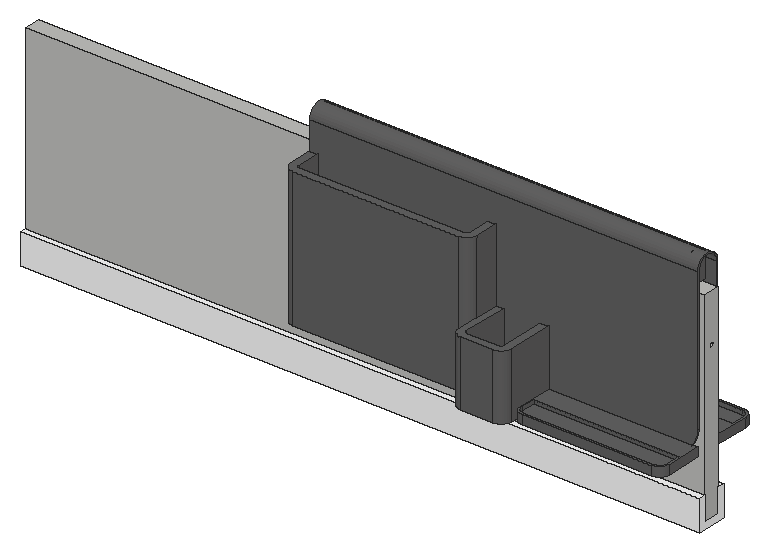
Revit family "Screen-Desk_Mounted-Teknion-JNSASW-Solid_Add-On-R2015", category Furniture, Revit 2018
Family settings
  OmniClass Number = 23.40.20.00
  OmniClass Title = General Furniture and Specialties
  Work Plane-Based = No
  Always vertical = Yes
  Cut with Voids When Loaded = No
  Shared = Yes
  Room Calculation Point = No
Parameters (values of type "Standard Width")
  Width Note [instance] = "This product has widths ranging from 18 to 84 inches in 3 inch increments."  # constant formula
  Width [instance] = 42.000"
  Warranty = "http://www.teknion.com/ca/papers/legal-canada"
  Unit Weight URL = "http://www.teknion.com/ca/tools/assets#&asset=bee6a381-b954-425e-8283-5a2de3a804f2,f828d448-4b62-4231-9e5f-9a8991c0ed77"
  URL = "www.teknion.com"
  Sustainability Data = "http://www.teknion.com/ca/tools/assets#&topic=216f99a5-57a0-44fc-b10a-9dee9b29ae4c&asset=444deb64-fe58-4b68-981e-f75e97781df7"
  Slide Screen Note [instance] = "Available Heights are 44, 53, and 59 inches. Available Widths range from 24 to 42 inches in 6 inch increments."  # constant formula
  Sit and Slide Screen Width [instance] = 24.000"
  Sit & Slide Screen Thickness [instance] = 0.055"
  Sit & Slide Screen Offset [instance] = 0.250"
  Sit & Slide Screen Material Note [instance] = "If Sit & Slide Screen - Felt is specified, then a felt finish must be chosen, if Sit & Slide Screen - Metal is specified, then you must choose between Whiteboard, Foundation, Mica, or an Accent Finish."  # constant formula
  Sit & Slide Screen Finish [instance] = Fabric-Teknion-RB11-Carbon
  Sit & Slide Screen Datum Offset [instance] = if(and([44 Sit & Slide Screen Datum Height], Height = 42.000"), 2.000", if(and([53 Sit & Slide Screen Datum Height], Height = 42.000"), 11.000", if(and([59 Sit & Slide Screen Datum Height], Height = 42.000"), 17.000", if(and([53 Sit & Slide Screen Datum Height], Height = 51.000"), 2.000", if(and([59 Sit & Slide Screen Datum Height], Height = 51.000"), 8.000", if(and([59 Sit & Slide Screen Datum Height], Height = 57.000"), 2.000", 2.000"))))))  # 2.000"
  Sit & Slide Screen (2D) [instance] = or(Has Sit & Slide Screen, Has Sit & Slide Screen with Accessories)  # yes
  Series = "Expansion Cityline"  # constant formula
  Screen Metal Frame Finish [instance] = Mica - Teknion - V - Satin - Very White
  Screen Finish [instance] = Source Laminate - Teknion - RV - Very White
  Right Offset = 0.000"
  Product Page URL = "http://www.teknion.com/ca/products/product-details?productlineid=9ad2a26e-8e7a-673b-a6c8-ff05004460c4"
  Product Line = "Expansion Cityline"  # constant formula
  Product Documentation Link 4 = "https://www.teknion.com/pricing/expansion-cityline/pdfs/JNSSA_ppg.pdf"
  Product Documentation Link 3 = "https://www.teknion.com/pricing/expansion-cityline/pdfs/JNSSE_ppg.pdf"
  Product Documentation Link 2 = "https://www.teknion.com/pricing/expansion-cityline/pdfs/JNSSM_ppg.pdf"
  Product Documentation Link = "http://www.teknion.com/pricing/expansion-cityline/pdfs/JNSASW_ppg.pdf"
  Part Number = "JNSASW"  # constant formula
  Note [instance] = "If Width is greater than 24 inches, Sit & Slide Screen with Accessories can not be specified."  # constant formula
  Model = "JNSASW____SS_"
  Manufacturer Phone = "416-661-3370"  # constant formula
  Manufacturer Fax = "416.661.4586"  # constant formula
  Manufacturer Contact Information = "http://www.teknion.com/ca/contactus"
  Manufacturer Address = "1150 Flint Road, Toronto, ON. M3J 2J5. Canada"  # constant formula
  Manufacturer = "Teknion"  # constant formula
  Left Offset = 0.000"
  Height Note [instance] = "This product has the following heights; 42, 51, and 57 inches."  # constant formula
  Height [instance] = 42.000"
  Has Sit & Slide Screen with Accessories [instance] = yes
  Has Sit & Slide Screen [instance] = yes
  Has Alignment Holes [instance] = yes
  Description = "Solid Add-On Screen – Desk-Mounted, One Side Full Screen or Both Sides Shared Screens Width Reduction for Lateral Application, Standard Corner Detail"
  Assembly Code = "E2020200"
  Alignment Hole Depth [instance] = if(Has Alignment Holes, 2.013", 0.500")  # 2.013"
  Accessory Finish [instance] = Fabric-Teknion-RB11-Carbon
  59 Sit & Slide Screen Datum Height [instance] = no
  53 Sit & Slide Screen Datum Height [instance] = no
  44 Sit & Slide Screen Datum Height [instance] = yes
Types (3): name | Right Offset | Model | Left Offset | Description
  Standard Width | 0.000" | "JNSASW____SS_" | 0.000" | "Solid Add-On Screen – Desk-Mounted, One Side Full Screen or Both Sides Shared Screens Width Reduction for Lateral Application, Standard Corner Detail"
  One Side Full Screen or Both Sides Shared Screens Width Reduction | 0.945" | "JNSASW____FS_" | 0.945" | "Solid Add-On Screen – Desk-Mounted, One Side Full Screen or Both Sides Shared Screens Width Reduction for Lateral Application, Standard Corner Detail"
  One Side Shared Screen Width Reduction | 0.473" | "JNSASW____HS_" | 0.473" | "Solid Add-On Screen – Desk-Mounted, One Side Shared Screen Width Reduction for Lateral Application, Standard Corner Detail"
Reference planes (in)
  plane 1 "Center Front/Back": y = 0
  plane 2: z = 0
  plane 3 "Center Left/Right": x = 0
  plane 4 "Left": x = -21
  plane 5 "Right": x = 21
  plane 6 "Back": y = 0.50787
  plane 7 "Front": y = -0.50787
  plane 8 "Top": z = 42
  plane 9: z = 29
  plane 10: z = 29.41339
  plane 11: x = -21.69393
  plane 12: x = 21.69393
  plane 13: x = -3.25
  plane 14: x = -2.5
  plane 15: x = 20
  plane 16: z = 33
  plane 17: z = 44
  plane 18: y = -0.69488
  plane 19: y = 0.69488
  plane 20: y = 0.74988
  plane 21: y = -0.74988
  plane 22: x = 20.75
  plane 23: z = 44
  plane 24: z = 53
  plane 25: z = 59
  plane 26: x = -21
  plane 27: x = 21
Forms (in)
  Extrusion 1, solid, material "Mica - Teknion - V - Satin - Very White" <- "Screen Metal Frame Finish"
    sketch origin (0, 0, 0) x (0, 1, 0) y (0, 0, 1)
      loop
        line (0.94488, 30.88976) -> (0.50787, 30.88976) -> (0.50787, 29.41339) -> (-0.50787, 29.41339) -> (-0.50787, 30.88976) -> (-0.94488, 30.88976) -> (-0.94488, 29) -> (0.94488, 29) -> (0.94488, 30.88976)
    from -21 to 21
  Extrusion 2, solid, material "Source Laminate - Teknion - RV - Very White" <- "Screen Finish"
    sketch origin (-21, 0, 0) x (0, 1, 0) y (0, 0, 1)
      loop
        line (0.50787, 42) -> (-0.50787, 42) -> (-0.50787, 29.41339) -> (0.50787, 29.41339) -> (0.50787, 42)
    from 0 to 42
  Extrusion 3, void
    sketch origin (-21, 0, 0) x (0, 1, 0) y (0, 0, 1)
      loop
        circle (0, 38.99999) r 0.15747
    from -0.69393 to 1.31907
  Extrusion 4, void
    sketch origin (9, 0, 0) x (0, 1, 0) y (0, 0, -1)
      loop
        circle (0, -38.99999) r 0.15747
    from -12.69393 to -10.68093
  Extrusion 5, solid, material "Fabric-Teknion-RB11-Carbon" <- "Sit & Slide Screen Finish", visible <- "Has Sit & Slide Screen"
    sketch origin (21, 0, 0) x (0, 1, 0) y (0, 0, -1)
      loop
        arc (-0.74988, -43.25012) -> (0, -44) -> (0.74988, -43.25012) r 0.74988
        line (0.74988, -43.25012) -> (0.74988, -33) -> (0.69488, -33) -> (0.69488, -43.25012)
        arc (0.69488, -43.25012) -> (0, -43.945) -> (-0.69488, -43.25012) r 0.69488
        line (-0.69488, -43.25012) -> (-0.69488, -33) -> (-0.74988, -33) -> (-0.74988, -43.25012)
    from 0.25 to 24.25
  Extrusion 6, void
    sketch origin (0, -0.50787, 0) x (-1, 0, 0) y (0, 0, -1)
      loop
        line (3.25, -34.5) -> (3.25, -33) -> (1.75, -33)
        arc (1.75, -33) -> (2.81066, -33.43934) -> (3.25, -34.5) r 1.5
    from 0 to 12
  Extrusion 7, void
    sketch origin (12, -0.50787, 0) x (1, 0, 0) y (0, 0, 1)
      loop
        line (8.75, 33) -> (8.75, 34.5)
        arc (8.75, 34.5) -> (8.31066, 33.43934) -> (7.25, 33) r 1.5
        line (7.25, 33) -> (8.75, 33)
    from 0 to 12
  Extrusion 8, void
    sketch origin (0, 0.50787, 0) x (-1, 0, 0) y (0, 0, 1)
      loop
        arc (3.25, 34.5) -> (2.81066, 33.43934) -> (1.75, 33) r 1.5
        line (1.75, 33) -> (3.25, 33) -> (3.25, 34.5)
    from 0 to 12
  Extrusion 9, void
    sketch origin (12, 0.50787, 0) x (1, 0, 0) y (0, 0, -1)
      loop
        line (8.75, -33) -> (7.25, -33)
        arc (7.25, -33) -> (8.31066, -33.43934) -> (8.75, -34.5) r 1.5
        line (8.75, -34.5) -> (8.75, -33)
    from 0 to 12
  Extrusion 10, solid, material "Fabric-Teknion-RB11-Carbon" <- "Sit & Slide Screen Finish", visible <- "Has Sit & Slide Screen"
    sketch origin (-21, 0, -8.83) x (0, 1, 0) y (0, 0, 1)
      loop
        line (-0.69488, 50.83) -> (0.69488, 50.83) -> (0.69488, 52.08012)
        arc (0.69488, 52.08012) -> (0, 52.775) -> (-0.69488, 52.08012) r 0.69488
        line (-0.69488, 52.08012) -> (-0.69488, 50.83)
    from 18.5 to 41
  Extrusion 11, solid, material "Fabric-Teknion-RB11-Carbon" <- "Accessory Finish", visible <- "Has Sit & Slide Screen with Accessories"
    sketch origin (0, 0, 0) x (1, 0, 0) y (0, 1, 0)
      loop
        line (8.25787, 3.62894) -> (8.25787, 0.74988) -> (11.51575, 0.74988) -> (11.51575, 3.62894)
        arc (11.51575, 3.62894) -> (11.33269, 4.07088) -> (10.89075, 4.25394) r 0.625
        line (10.89075, 4.25394) -> (8.88287, 4.25394)
        arc (8.88287, 4.25394) -> (8.44093, 4.07088) -> (8.25787, 3.62894) r 0.625
    from 33 to 37.01575
  Extrusion 12, void
    sketch origin (0, 0, 0) x (1, 0, 0) y (0, 1, 0)
      loop
        line (8.72244, 3.62894) -> (8.72244, 0.74988) -> (11.05118, 0.74988) -> (11.05118, 3.62894)
        arc (11.05118, 3.62894) -> (11.00419, 3.74238) -> (10.89075, 3.78937) r 0.16043
        line (10.89075, 3.78937) -> (8.88287, 3.78937)
        arc (8.88287, 3.78937) -> (8.76943, 3.74238) -> (8.72244, 3.62894) r 0.16043
    from 33.05512 to 44
  Extrusion 13, solid, material "Fabric-Teknion-RB11-Carbon" <- "Accessory Finish", visible <- "Has Sit & Slide Screen with Accessories"
    sketch origin (0, 0, 0) x (1, 0, 0) y (0, 1, 0)
      loop
        line (-3.25, 2.18839) -> (-3.25, 0.75) -> (8.25787, 0.75) -> (8.25787, 2.18839)
        arc (8.25787, 2.18839) -> (8.07482, 2.63033) -> (7.63287, 2.81339) r 0.625
        line (7.63287, 2.81339) -> (-2.625, 2.81339)
        arc (-2.625, 2.81339) -> (-3.06694, 2.63033) -> (-3.25, 2.18839) r 0.625
    from 33 to 41.51969
  Extrusion 14, solid, material "Fabric-Teknion-RB11-Carbon" <- "Accessory Finish", visible <- "Has Sit & Slide Screen with Accessories"
    sketch origin (0, 0, 0) x (1, 0, 0) y (0, 1, 0)
      loop
        arc (-3.25, -2.18839) -> (-3.06694, -2.63033) -> (-2.625, -2.81339) r 0.625
        line (-2.625, -2.81339) -> (7.63287, -2.81339)
        arc (7.63287, -2.81339) -> (8.07482, -2.63033) -> (8.25787, -2.18839) r 0.625
        line (8.25787, -2.18839) -> (8.25787, -0.74988) -> (-3.25, -0.74988) -> (-3.25, -2.18839)
    from 33 to 41.51969
  Extrusion 15, solid, material "Fabric-Teknion-RB11-Carbon" <- "Accessory Finish", visible <- "Has Sit & Slide Screen with Accessories"
    sketch origin (0, 0, 0) x (1, 0, 0) y (0, 1, 0)
      loop
        arc (8.25787, -3.62894) -> (8.44093, -4.07088) -> (8.88287, -4.25394) r 0.625
        line (8.88287, -4.25394) -> (10.89075, -4.25394)
        arc (10.89075, -4.25394) -> (11.33269, -4.07088) -> (11.51575, -3.62894) r 0.625
        line (11.51575, -3.62894) -> (11.51575, -0.74988) -> (8.25787, -0.74988) -> (8.25787, -3.62894)
    from 33 to 37.01575
  Extrusion 16, void
    sketch origin (0, 0, 0) x (1, 0, 0) y (0, 1, 0)
      loop
        arc (8.72244, -3.62894) -> (8.76943, -3.74238) -> (8.88287, -3.78937) r 0.16043
        line (8.88287, -3.78937) -> (10.89075, -3.78937)
        arc (10.89075, -3.78937) -> (11.00419, -3.74238) -> (11.05118, -3.62894) r 0.16043
        line (11.05118, -3.62894) -> (11.05118, -0.74988) -> (8.72244, -0.74988) -> (8.72244, -3.62894)
    from 33.05512 to 44
  Extrusion 17, solid, material "Fabric-Teknion-RB11-Carbon" <- "Accessory Finish", visible <- "Has Sit & Slide Screen with Accessories"
    sketch origin (0, 0, 0) x (1, 0, 0) y (0, 1, 0)
      loop
        line (11.51575, 2.93445) -> (11.51575, 0.74988) -> (20.75, 0.74988) -> (20.75, 2.93445)
        arc (20.75, 2.93445) -> (20.56694, 3.37639) -> (20.125, 3.55945) r 0.625
        line (20.125, 3.55945) -> (12.14075, 3.55945)
        arc (12.14075, 3.55945) -> (11.69881, 3.37639) -> (11.51575, 2.93445) r 0.625
    from 33 to 33.55906
  Extrusion 18, solid, material "Fabric-Teknion-RB11-Carbon" <- "Accessory Finish", visible <- "Has Sit & Slide Screen with Accessories"
    sketch origin (0, 0, 0) x (1, 0, 0) y (0, 1, 0)
      loop
        arc (11.51575, -2.93445) -> (11.69881, -3.37639) -> (12.14075, -3.55945) r 0.625
        line (12.14075, -3.55945) -> (20.125, -3.55945)
        arc (20.125, -3.55945) -> (20.56694, -3.37639) -> (20.75, -2.93445) r 0.625
        line (20.75, -2.93445) -> (20.75, -0.74988) -> (11.51575, -0.74988) -> (11.51575, -2.93445)
    from 33 to 33.55906
  Extrusion 19, void
    sketch origin (0, 0.08858, 0) x (1, 0, 0) y (0, 1, 0)
      loop
        line (-2.78543, 2.0998) -> (-2.78543, 0.6613) -> (7.79331, 0.6613) -> (7.79331, 2.0998)
        arc (7.79331, 2.0998) -> (7.74632, 2.21325) -> (7.63287, 2.26024) r 0.16043
        line (7.63287, 2.26024) -> (-2.625, 2.26024)
        arc (-2.625, 2.26024) -> (-2.73844, 2.21325) -> (-2.78543, 2.0998) r 0.16043
    from 33.05512 to 44
  Extrusion 20, void
    sketch origin (0, -0.08858, 0) x (1, 0, 0) y (0, 1, 0)
      loop
        arc (-2.78543, -2.0998) -> (-2.73844, -2.21325) -> (-2.625, -2.26024) r 0.16043
        line (-2.625, -2.26024) -> (7.63287, -2.26024)
        arc (7.63287, -2.26024) -> (7.74632, -2.21325) -> (7.79331, -2.0998) r 0.16043
        line (7.79331, -2.0998) -> (7.79331, -0.6613) -> (-2.78543, -0.6613) -> (-2.78543, -2.0998)
    from 33.05512 to 44
  Extrusion 21, void
    sketch origin (0, 0, 0) x (1, 0, 0) y (0, 1, 0)
      loop
        line (11.63386, 2.06339) -> (20.63189, 2.06339) -> (20.63189, 2.93445)
        arc (20.63189, 2.93445) -> (20.48343, 3.29287) -> (20.125, 3.44134) r 0.50689
        line (20.125, 3.44134) -> (12.14075, 3.44134)
        arc (12.14075, 3.44134) -> (11.78232, 3.29287) -> (11.63386, 2.93445) r 0.50689
        line (11.63386, 2.93445) -> (11.63386, 2.06339)
    from 33.30709 to 44
  Extrusion 22, void
    sketch origin (0, 0, 0) x (1, 0, 0) y (0, 1, 0)
      loop
        line (11.63386, -2.06339) -> (11.63386, -2.93445)
        arc (11.63386, -2.93445) -> (11.78232, -3.29287) -> (12.14075, -3.44134) r 0.50689
        line (12.14075, -3.44134) -> (20.125, -3.44134)
        arc (20.125, -3.44134) -> (20.48343, -3.29287) -> (20.63189, -2.93445) r 0.50689
        line (20.63189, -2.93445) -> (20.63189, -2.06339) -> (11.63386, -2.06339)
    from 33.30709 to 44
Cuts and joins
  Extrusion 3, Extrusion 4, Extrusion 6, Extrusion 7, Extrusion 8, Extrusion 9 cuts Extrusion 2
  Extrusion 6, Extrusion 7, Extrusion 8, Extrusion 9 cuts Extrusion 5
  Extrusion 12, Extrusion 16 cuts Extrusion 11
  Extrusion 19, Extrusion 20 cuts Extrusion 13
  Extrusion 20 cuts Extrusion 14
  Extrusion 16 cuts Extrusion 15
  Extrusion 22 cuts Extrusion 18
  Extrusion 21 cuts Extrusion 17
Lines and regions (in)
  Masking region 1
    outline origin (0, 0, 0) x (1, 0, 0) y (0, 1, 0)
      loop
        line (-21, -0.94488) -> (21, -0.94488) -> (21, 0.94488) -> (-21, 0.94488) -> (-21, -0.94488)
  Masking region 2, visible <- "Has Sit & Slide Screen with Accessories"
    outline origin (0, 0, 0) x (1, 0, 0) y (0, 1, 0)
      loop
        line (-3.25, 0.74988) -> (8.25787, 0.74988) -> (8.25787, 2.18839)
        arc (8.25787, 2.18839) -> (8.07482, 2.63033) -> (7.63287, 2.81339) r 0.625
        line (7.63287, 2.81339) -> (-2.625, 2.81339)
        arc (-2.625, 2.81339) -> (-3.06694, 2.63033) -> (-3.25, 2.18839) r 0.625
        line (-3.25, 2.18839) -> (-3.25, 0.74988)
  Masking region 3, visible <- "Has Sit & Slide Screen with Accessories"
    outline origin (0, 0, 0) x (1, 0, 0) y (0, 1, 0)
      loop
        line (-3.25, -0.74988) -> (-3.25, -2.18839)
        arc (-3.25, -2.18839) -> (-3.06694, -2.63033) -> (-2.625, -2.81339) r 0.625
        line (-2.625, -2.81339) -> (7.63287, -2.81339)
        arc (7.63287, -2.81339) -> (8.07482, -2.63033) -> (8.25787, -2.18839) r 0.625
        line (8.25787, -2.18839) -> (8.25787, -0.74988) -> (-3.25, -0.74988)
  Masking region 4, visible <- "Has Sit & Slide Screen with Accessories"
    outline origin (0, 0, 0) x (1, 0, 0) y (0, 1, 0)
      loop
        line (10.89075, 4.25394) -> (8.88287, 4.25394)
        arc (8.88287, 4.25394) -> (8.44093, 4.07088) -> (8.25787, 3.62894) r 0.625
        line (8.25787, 3.62894) -> (8.25787, 0.74988) -> (11.51575, 0.74988) -> (11.51575, 3.62894)
        arc (11.51575, 3.62894) -> (11.33269, 4.07088) -> (10.89075, 4.25394) r 0.625
  Masking region 5, visible <- "Has Sit & Slide Screen with Accessories"
    outline origin (0, 0, 0) x (1, 0, 0) y (0, 1, 0)
      loop
        line (20.125, 3.55945) -> (12.14075, 3.55945)
        arc (12.14075, 3.55945) -> (11.69881, 3.37639) -> (11.51575, 2.93445) r 0.625
        line (11.51575, 2.93445) -> (11.51575, 0.74988) -> (20.75, 0.74988) -> (20.75, 2.93445)
        arc (20.75, 2.93445) -> (20.56694, 3.37639) -> (20.125, 3.55945) r 0.625
  Masking region 6, visible <- "Has Sit & Slide Screen with Accessories"
    outline origin (0, 0, 0) x (1, 0, 0) y (0, 1, 0)
      loop
        line (11.51575, -0.74988) -> (11.51575, -2.93445)
        arc (11.51575, -2.93445) -> (11.69881, -3.37639) -> (12.14075, -3.55945) r 0.625
        line (12.14075, -3.55945) -> (20.125, -3.55945)
        arc (20.125, -3.55945) -> (20.56694, -3.37639) -> (20.75, -2.93445) r 0.625
        line (20.75, -2.93445) -> (20.75, -0.74988) -> (11.51575, -0.74988)
  Masking region 7, visible <- "Has Sit & Slide Screen with Accessories"
    outline origin (0, 0, 0) x (1, 0, 0) y (0, 1, 0)
      loop
        line (8.25787, -0.74988) -> (8.25787, -3.62894)
        arc (8.25787, -3.62894) -> (8.44093, -4.07088) -> (8.88287, -4.25394) r 0.625
        line (8.88287, -4.25394) -> (10.89075, -4.25394)
        arc (10.89075, -4.25394) -> (11.33269, -4.07088) -> (11.51575, -3.62894) r 0.625
        line (11.51575, -3.62894) -> (11.51575, -0.74988) -> (8.25787, -0.74988)
  Masking region 8, visible <- "Sit & Slide Screen (2D)"
    outline origin (0, 0, 0) x (1, 0, 0) y (0, 1, 0)
      loop
        line (-3.25, 0.75) -> (-3.25, -0.74988) -> (20.75, -0.74988) -> (20.75, 0.75) -> (-3.25, 0.75)
  symbolic lines, detail levels medium+fine
    curve 1: line (-21, 0.50787, 0) -> (21, 0.50787, 0)
    curve 2: line (-21, -0.50787, 0) -> (21, -0.50787, 0)
  symbolic lines, style "FurnitureHiddenLines", visible <- "Has Alignment Holes", detail levels fine
    curve 3: line (-21, 0.15747, 0) -> (-19.68093, 0.15747, 0)
    curve 4: line (-19.68093, 0.15747, 0) -> (-19.68093, -0.15747, 0)
    curve 5: line (-19.68093, -0.15747, 0) -> (-21, -0.15747, 0)
    curve 6: line (21, 0.15747, 0) -> (19.68093, 0.15747, 0)
    curve 7: line (19.68093, 0.15747, 0) -> (19.68093, -0.15747, 0)
    curve 8: line (19.68093, -0.15747, 0) -> (21, -0.15747, 0)
  symbolic lines, visible <- "Has Sit & Slide Screen with Accessories", detail levels fine
    curve 9: line (-2.78543, 2.18839, 0) -> (-2.78543, 0.75, 0)
    curve 10: line (-2.78543, 0.75, 0) -> (7.79331, 0.75, 0)
    curve 11: line (7.79331, 0.75, 0) -> (7.79331, 2.18839, 0)
    curve 12: arc (7.79331, 2.18839, 0) -> (7.74632, 2.30183, 0) -> (7.63287, 2.34882, 0) r 0.16043
    curve 13: line (7.63287, 2.34882, 0) -> (-2.625, 2.34882, 0)
    curve 14: arc (-2.625, 2.34882, 0) -> (-2.73844, 2.30183, 0) -> (-2.78543, 2.18839, 0) r 0.16043
    curve 15: line (-2.625, -2.34882, 0) -> (7.63287, -2.34882, 0)
    curve 16: arc (7.63287, -2.34882, 0) -> (7.74632, -2.30183, 0) -> (7.79331, -2.18839, 0) r 0.16043
    curve 17: line (7.79331, -2.18839, 0) -> (7.79331, -0.74988, 0)
    curve 18: line (7.79331, -0.74988, 0) -> (-2.78543, -0.74988, 0)
    curve 19: line (-2.78543, -0.74988, 0) -> (-2.78543, -2.18839, 0)
    curve 20: arc (-2.78543, -2.18839, 0) -> (-2.73844, -2.30183, 0) -> (-2.625, -2.34882, 0) r 0.16043
    curve 21: line (8.72244, 3.62894, 0) -> (8.72244, 0.74988, 0)
    curve 22: line (8.72244, 0.74988, 0) -> (11.05118, 0.74988, 0)
    curve 23: line (11.05118, 0.74988, 0) -> (11.05118, 3.62894, 0)
    curve 24: arc (11.05118, 3.62894, 0) -> (11.00419, 3.74238, 0) -> (10.89075, 3.78937, 0) r 0.16043
    curve 25: line (10.89075, 3.78937, 0) -> (8.88287, 3.78937, 0)
    curve 26: arc (8.88287, 3.78937, 0) -> (8.76943, 3.74238, 0) -> (8.72244, 3.62894, 0) r 0.16043
    curve 27: line (12.14075, 3.44134, 0) -> (20.125, 3.44134, 0)
    curve 28: arc (20.125, 3.44134, 0) -> (20.48343, 3.29287, 0) -> (20.63189, 2.93445, 0) r 0.50689
    curve 29: line (20.63189, 2.93445, 0) -> (20.63189, 2.06339, 0)
    curve 30: line (20.63189, 2.06339, 0) -> (11.63386, 2.06339, 0)
    curve 31: line (11.63386, 2.06339, 0) -> (11.63386, 2.93445, 0)
    curve 32: arc (11.63386, 2.93445, 0) -> (11.78232, 3.29287, 0) -> (12.14075, 3.44134, 0) r 0.50689
    curve 33: line (11.63386, -2.06339, 0) -> (20.63189, -2.06339, 0)
    curve 34: line (20.63189, -2.06339, 0) -> (20.63189, -2.93445, 0)
    curve 35: arc (20.63189, -2.93445, 0) -> (20.48343, -3.29287, 0) -> (20.125, -3.44134, 0) r 0.50689
    curve 36: line (20.125, -3.44134, 0) -> (12.14075, -3.44134, 0)
    curve 37: arc (12.14075, -3.44134, 0) -> (11.78232, -3.29287, 0) -> (11.63386, -2.93445, 0) r 0.50689
    curve 38: line (11.63386, -2.93445, 0) -> (11.63386, -2.06339, 0)
    curve 39: line (8.72244, -0.74988, 0) -> (8.72244, -3.62894, 0)
    curve 40: arc (8.72244, -3.62894, 0) -> (8.76943, -3.74238, 0) -> (8.88287, -3.78937, 0) r 0.16043
    curve 41: line (8.88287, -3.78937, 0) -> (10.89075, -3.78937, 0)
    curve 42: arc (10.89075, -3.78937, 0) -> (11.00419, -3.74238, 0) -> (11.05118, -3.62894, 0) r 0.16043
    curve 43: line (11.05118, -3.62894, 0) -> (11.05118, -0.74988, 0)
    curve 44: line (11.05118, -0.74988, 0) -> (8.72244, -0.74988, 0)
  reference lines, not visible
    curve 45: line (-21, 0.94488, 0) -> (-21, -0.94488, 0)
    curve 46: line (21, 0.94488, 0) -> (21, -0.94488, 0)
    curve 47: line (-21, -0.94488, 0) -> (21, -0.94488, 0)
    curve 48: line (21, 0.94488, 0) -> (-21, 0.94488, 0)
Dimensions and locks (in)
  "Width": plane 26 to plane 27
  locked: plane 6 "Back" to plane 7 "Front" at 1.01575
  "Height": plane 8 "Top" to level
  locked: plane 9 to plane 2 at 29
  plane 8 "Top" to level = 42.000"
  Extrusion 1 sketch curve to Extrusion 1 sketch curve to plane 1 "Center Front/Back" to Extrusion 1 sketch curve to Extrusion 1 sketch curve = 0.43701" locked, 0.50787" locked, 0.50787" locked, 0.43701" locked
  plane 9 to Extrusion 1 sketch curve to Extrusion 1 sketch curve to Extrusion 1 sketch curve = 0.41339" locked, 1.47638" locked, 0.000" locked
  locked: plane 9 to plane 10 at 0.41339
  equal spacing: plane 26, plane 3 "Center Left/Right", plane 27
  locked: plane 11 to plane 4 "Left" at 0.69393
  "Alignment Hole Depth": plane 11 to Extrusion 3
  locked: plane 12 to plane 5 "Right" at 0.69393
  "Alignment Hole Depth": plane 12 to Extrusion 4
  locked: plane 4 "Left" to curve 4 at 1.31907
  curve 5 to plane 1 "Center Front/Back" to curve 3 = 0.15747" locked, 0.15747" locked
  curve 8 to plane 1 "Center Front/Back" to curve 6 = 0.15747" locked, 0.15747" locked
  Extrusion 10 sketch curve to plane 1 "Center Front/Back" to Extrusion 10 sketch curve = 0.69488" locked, 0.69488" locked
  locked: plane 13 to plane 14 at 0.75
  locked: plane 16 to plane 9 at 4
  plane 17 to Extrusion 5 sketch curve to Extrusion 5 sketch curve = 0.74988" locked, 0.000" locked
  locked: plane 17 to Extrusion 10 sketch curve at 0.74988
  locked: plane 18 to plane 7 "Front" at 0.18701
  locked: plane 6 "Back" to plane 19 at 0.18701
  locked: plane 21 to plane 18 at 0.055
  locked: plane 19 to plane 20 at 0.055
  locked: plane 1 "Center Front/Back" to Extrusion 5 sketch curve at 0  (x2)
  locked: Extrusion 22 to plane 16 at 0.30709  (x2)
  Extrusion 14 sketch curve to Extrusion 14 sketch curve to Extrusion 14 sketch curve to Extrusion 14 sketch curve to plane 22 = 0.625" locked, 10.25787" locked, 0.625" locked, 12.49213" locked
  locked: plane 21 to Extrusion 14 sketch curve at 2.0635
  Extrusion 13 sketch curve to Extrusion 13 sketch curve to Extrusion 13 sketch curve to Extrusion 13 sketch curve to plane 22 = 0.625" locked, 10.25787" locked, 0.625" locked, 12.49213" locked
  locked: plane 20 to Extrusion 13 sketch curve at 2.0635
  Extrusion 15 sketch curve to Extrusion 15 sketch curve to Extrusion 15 sketch curve to Extrusion 15 sketch curve to plane 22 = 0.625" locked, 2.00787" locked, 0.625" locked, 9.23425" locked
  locked: plane 21 to Extrusion 15 sketch curve at 3.50406
  Extrusion 11 sketch curve to Extrusion 11 sketch curve to Extrusion 11 sketch curve to Extrusion 11 sketch curve to plane 22 = 0.625" locked, 2.00787" locked, 0.625" locked, 9.23425" locked
  locked: plane 20 to Extrusion 11 sketch curve at 3.50406
  plane 20 to Extrusion 12 sketch curve to Extrusion 12 sketch curve to Extrusion 12 sketch curve = 2.87906" locked, 0.000" locked, 0.16043" locked
  Extrusion 12 sketch curve to Extrusion 12 sketch curve to plane 22 = 2.32874" locked, 9.69882" locked
  Extrusion 16 sketch curve to Extrusion 16 sketch curve to Extrusion 16 sketch curve to Extrusion 16 sketch curve to plane 22 = 0.16043" locked, 2.00787" locked, 0.16043" locked, 9.69882" locked
  locked: plane 21 to Extrusion 16 sketch curve at 3.03949
  plane 21 to Extrusion 18 sketch curve to Extrusion 18 sketch curve to Extrusion 18 sketch curve = 2.18457" locked, 0.000" locked, 0.625" locked
  Extrusion 18 sketch curve to Extrusion 18 sketch curve to Extrusion 18 sketch curve to Extrusion 18 sketch curve = 0.625" locked, 7.98425" locked, 0.625" locked
  plane 20 to Extrusion 21 sketch curve to Extrusion 21 sketch curve to Extrusion 21 sketch curve to Extrusion 21 sketch curve = 1.3135" locked, 0.87106" locked, 0.000" locked, 0.50689" locked
  Extrusion 21 sketch curve to Extrusion 21 sketch curve to Extrusion 21 sketch curve to Extrusion 21 sketch curve to plane 22 = 0.50689" locked, 7.98425" locked, 0.50689" locked, 0.11811" locked
  locked: cut or joined group of Extrusion 14, Extrusion 20 to plane 16 at 0.05512
  locked: plane 16 to cut or joined group of Extrusion 17, Extrusion 21 at 0.30709
  locked: plane 16 to cut or joined group of Extrusion 11, Extrusion 12, Extrusion 16 at 0.05512
  locked: plane 16 to cut or joined group of Extrusion 13, Extrusion 19, Extrusion 20 at 0.05512
  Extrusion 19 sketch curve to Extrusion 19 sketch curve to Extrusion 19 sketch curve to Extrusion 19 sketch curve to plane 22 = 0.16043" locked, 10.25787" locked, 0.16043" locked, 12.95669" locked
  locked: plane 20 to Extrusion 19 sketch curve at 1.59894
  Extrusion 20 sketch curve to Extrusion 20 sketch curve to Extrusion 20 sketch curve to Extrusion 20 sketch curve to plane 22 = 0.16043" locked, 10.25787" locked, 0.16043" locked, 12.95669" locked
  locked: plane 21 to Extrusion 20 sketch curve at 1.59894
  "Sit & Slide Screen Offset": plane 22 to plane 5 "Right"
  Extrusion 22 sketch curve to Extrusion 22 sketch curve to Extrusion 22 sketch curve to Extrusion 22 sketch curve to plane 22 = 0.50689" locked, 7.98425" locked, 0.50689" locked, 0.11811" locked
  plane 21 to Extrusion 22 sketch curve to Extrusion 22 sketch curve to Extrusion 22 sketch curve to Extrusion 22 sketch curve = 1.3135" locked, 0.87106" locked, 0.000" locked, 0.50689" locked
  locked: plane 15 to plane 22 at 0.75
  "Sit and Slide Screen Width": plane 13 to plane 22
  Extrusion 17 sketch curve to Extrusion 17 sketch curve to Extrusion 17 sketch curve to plane 22 = 0.625" locked, 7.98425" locked, 0.625" locked
  plane 20 to Extrusion 17 sketch curve to Extrusion 17 sketch curve to Extrusion 17 sketch curve = 2.18457" locked, 0.000" locked, 0.625" locked
  "Sit & Slide Screen Datum Offset": plane 17 to plane 8 "Top"
  plane 2 to plane 24 = 53.000"
  plane 25 to level = 59.000"
  plane 24 to plane 8 "Top" = 11.000"
  plane 25 to plane 8 "Top" = 17.000"
  locked: Extrusion 6 sketch curve to plane 13 at 1.5
  locked: Extrusion 6 sketch curve to plane 16 at 1.5
  locked: Extrusion 8 sketch curve to plane 13 at 1.5
  locked: plane 16 to Extrusion 8 sketch curve at 1.5
  locked: plane 22 to Extrusion 7 sketch curve at 1.5
  locked: Extrusion 7 sketch curve to plane 16 at 1.5
  locked: plane 22 to Extrusion 9 sketch curve at 1.5
  locked: plane 16 to Extrusion 9 sketch curve at 1.5
  "Left Offset": plane 26 to plane 4 "Left"
  "Right Offset": plane 5 "Right" to plane 27
  aligned and locked: level to plane 2
  aligned and locked: plane 9 to Extrusion 1
  aligned and locked: Extrusion 1 to plane 5 "Right"
  aligned and locked: Extrusion 1 to plane 4 "Left"
  aligned and locked: plane 8 "Top" to Extrusion 2
  aligned and locked: plane 7 "Front" to Extrusion 2
  aligned and locked: plane 6 "Back" to Extrusion 2
  aligned and locked: plane 10 to Extrusion 2
  aligned and locked: Extrusion 2 to plane 5 "Right"
  aligned and locked: Extrusion 2 to plane 4 "Left"
  aligned and locked: plane 11 to Extrusion 3
  aligned and locked: Extrusion 4 to plane 12
  aligned and locked: curve 1 to plane 6 "Back"
  aligned and locked: curve 2 to plane 7 "Front"
  aligned and locked: cut or joined group of Extrusion 5, Extrusion 6, Extrusion 7, Extrusion 8, Extrusion 9 to plane 13
  aligned and locked: Extrusion 10 to plane 14
  aligned and locked: plane 15 to Extrusion 10
  aligned and locked: plane 16 to cut or joined group of Extrusion 5, Extrusion 6, Extrusion 7, Extrusion 8, Extrusion 9  (x2)
  aligned and locked: Extrusion 5 sketch curve to plane 16  (x2)
  aligned and locked: plane 16 to Extrusion 11
  aligned and locked: plane 16 to Extrusion 13
  aligned and locked: plane 16 to Extrusion 14
  aligned and locked: plane 16 to Extrusion 17
  aligned and locked: plane 16 to Extrusion 18
  aligned and locked: plane 18 to Extrusion 5 sketch curve
  aligned and locked: Extrusion 5 sketch curve to plane 21
  aligned and locked: plane 19 to Extrusion 5 sketch curve
  aligned and locked: Extrusion 5 sketch curve to plane 20
  aligned and locked: plane 17 to Extrusion 22
  aligned and locked: plane 17 to Extrusion 21
  aligned and locked: plane 17 to Extrusion 20
  aligned and locked: plane 17 to Extrusion 19
  aligned and locked: plane 17 to Extrusion 16
  aligned and locked: plane 17 to Extrusion 12
  aligned and locked: Extrusion 14 sketch curve to plane 21
  aligned and locked: Extrusion 15 sketch curve to plane 21
  aligned and locked: plane 20 to Extrusion 11 sketch curve
  aligned and locked: plane 20 to Extrusion 12 sketch curve
  aligned and locked: Extrusion 16 sketch curve to plane 21
  aligned and locked: plane 21 to Extrusion 18 sketch curve
  aligned and locked: plane 16 to cut or joined group of Extrusion 15, Extrusion 16
  aligned and locked: plane 16 to cut or joined group of Extrusion 18, Extrusion 22
  aligned and locked: plane 20 to Masking region 2 sketch curve
  aligned and locked: Masking region 2 sketch curve to cut or joined group of Extrusion 13, Extrusion 19, Extrusion 20  (x3)
  aligned and locked: Masking region 3 sketch curve to plane 21
  aligned and locked: Masking region 3 sketch curve to cut or joined group of Extrusion 14, Extrusion 20  (x3)
  aligned and locked: Masking region 4 sketch curve to cut or joined group of Extrusion 11, Extrusion 12, Extrusion 16  (x4)
  aligned and locked: Masking region 6 sketch curve to cut or joined group of Extrusion 18, Extrusion 22  (x4)
  aligned and locked: Masking region 7 sketch curve to cut or joined group of Extrusion 15, Extrusion 16  (x4)
  aligned and locked: Masking region 1 sketch curve to Extrusion 1  (x2)
  aligned and locked: Masking region 1 sketch curve to plane 4 "Left"
  aligned and locked: Masking region 1 sketch curve to plane 5 "Right"
  aligned and locked: Masking region 8 sketch curve to cut or joined group of Extrusion 5, Extrusion 6, Extrusion 7, Extrusion 8, Extrusion 9
  aligned and locked: Masking region 8 sketch curve to cut or joined group of Extrusion 13, Extrusion 19, Extrusion 20
  aligned and locked: Masking region 8 sketch curve to cut or joined group of Extrusion 14, Extrusion 20
  aligned and locked: cut or joined group of Extrusion 13, Extrusion 19, Extrusion 20 to curve 10
  aligned and locked: cut or joined group of Extrusion 13, Extrusion 19, Extrusion 20 to curve 11
  aligned and locked: curve 12 to cut or joined group of Extrusion 13, Extrusion 19, Extrusion 20
  aligned and locked: curve 14 to cut or joined group of Extrusion 13, Extrusion 19, Extrusion 20
  aligned and locked: curve 16 to cut or joined group of Extrusion 14, Extrusion 20
  aligned and locked: cut or joined group of Extrusion 14, Extrusion 20 to curve 18
  aligned and locked: curve 19 to cut or joined group of Extrusion 14, Extrusion 20
  aligned and locked: curve 20 to cut or joined group of Extrusion 14, Extrusion 20
  aligned and locked: cut or joined group of Extrusion 11, Extrusion 12, Extrusion 16 to curve 22
  aligned and locked: curve 23 to cut or joined group of Extrusion 11, Extrusion 12, Extrusion 16
  aligned and locked: curve 24 to cut or joined group of Extrusion 11, Extrusion 12, Extrusion 16
  aligned and locked: curve 26 to cut or joined group of Extrusion 11, Extrusion 12, Extrusion 16
  aligned and locked: curve 28 to cut or joined group of Extrusion 17, Extrusion 21
  aligned and locked: curve 30 to cut or joined group of Extrusion 17, Extrusion 21
  aligned and locked: curve 31 to cut or joined group of Extrusion 17, Extrusion 21
  aligned and locked: curve 32 to cut or joined group of Extrusion 17, Extrusion 21
  aligned and locked: curve 33 to cut or joined group of Extrusion 18, Extrusion 22
  aligned and locked: curve 34 to cut or joined group of Extrusion 18, Extrusion 22
  aligned and locked: curve 35 to cut or joined group of Extrusion 18, Extrusion 22
  aligned and locked: curve 37 to cut or joined group of Extrusion 18, Extrusion 22
  aligned and locked: curve 39 to cut or joined group of Extrusion 15, Extrusion 16
  aligned and locked: curve 40 to cut or joined group of Extrusion 15, Extrusion 16
  aligned and locked: curve 42 to cut or joined group of Extrusion 15, Extrusion 16
  aligned and locked: cut or joined group of Extrusion 15, Extrusion 16 to curve 44
  aligned and locked: plane 20 to Extrusion 19 sketch curve
  aligned and locked: Extrusion 20 sketch curve to plane 21
  aligned and locked: Extrusion 18 sketch curve to plane 22
  aligned and locked: plane 22 to cut or joined group of Extrusion 5, Extrusion 6, Extrusion 7, Extrusion 8, Extrusion 9
  aligned and locked: plane 22 to Extrusion 17 sketch curve
  aligned and locked: Extrusion 17 sketch curve to plane 20
  aligned and locked: plane 22 to Masking region 5 sketch curve
  aligned and locked: Masking region 5 sketch curve to cut or joined group of Extrusion 17, Extrusion 21
  aligned and locked: Extrusion 10 sketch curve to plane 8 "Top"
  aligned and locked: Extrusion 7 sketch curve to plane 16
  aligned and locked: plane 16 to Extrusion 9 sketch curve
  aligned and locked: Extrusion 6 sketch curve to plane 13
  aligned and locked: plane 16 to Extrusion 6 sketch curve
  aligned and locked: plane 13 to Extrusion 8 sketch curve
  aligned and locked: Extrusion 8 sketch curve to plane 16
  aligned and locked: Extrusion 7 sketch curve to plane 22
  aligned and locked: plane 22 to Extrusion 9 sketch curve
  aligned and locked: Masking region 8 sketch curve to plane 22
  aligned and locked: curve 45 to plane 4 "Left"
  aligned and locked: plane 5 "Right" to curve 46
  aligned and locked: curve 47 to Extrusion 1
  aligned and locked: curve 48 to Extrusion 1
Automatic sketch dimensions
  curve 5 to plane 4 "Left" = 0.000"
  curve 2 to plane 4 "Left" = 0.000"
  curve 3 to plane 4 "Left" = 0.000"
  curve 1 to plane 4 "Left" = 0.000"
  curve 6 to plane 5 "Right" = 0.000"
  curve 1 to plane 5 "Right" = 0.000"
  curve 8 to plane 5 "Right" = 0.000"
  curve 2 to plane 5 "Right" = 0.000"
  plane 9 to Extrusion 1 sketch curve = 0.000"
  Extrusion 2 sketch curve to plane 7 "Front" = 0.000"
  Extrusion 2 sketch curve to plane 6 "Back" = 0.000"
  plane 10 to Extrusion 2 sketch curve = 0.000"
  Extrusion 2 sketch curve to plane 8 "Top" = 0.000"
  Extrusion 3 sketch curve to plane 1 "Center Front/Back" = 0.000"
  Extrusion 3 sketch curve to plane 8 "Top" = 3.00001"
  Extrusion 4 sketch curve to plane 1 "Center Front/Back" = 0.000"
  plane 8 "Top" to Extrusion 4 sketch curve = 3.00001"
  Extrusion 6 sketch curve to plane 13 = 0.000"
  Extrusion 6 sketch curve to Extrusion 6 sketch curve = 0.000"  (x2)
  Extrusion 8 sketch curve to plane 16 = 0.000"
  Extrusion 8 sketch curve to Extrusion 8 sketch curve = 0.000"  (x2)
  Extrusion 13 sketch curve to plane 20 = 0.00012"
  plane 20 to Masking region 5 sketch curve = 0.000"
  Masking region 5 sketch curve to plane 22 = 0.625"
  Masking region 5 sketch curve to plane 20 = 2.80957"
  Masking region 5 sketch curve to Masking region 5 sketch curve = 0.625"
  plane 5 "Right" to curve 7 = 1.31907"
  Extrusion 9 sketch curve to Extrusion 9 sketch curve = 0.000"
  curve 47 to plane 21 = 0.195"
  curve 48 to plane 20 = 0.195"
  radius of Extrusion 3 sketch curve = 0.15747"
  radius of Extrusion 4 sketch curve = 0.15747"
